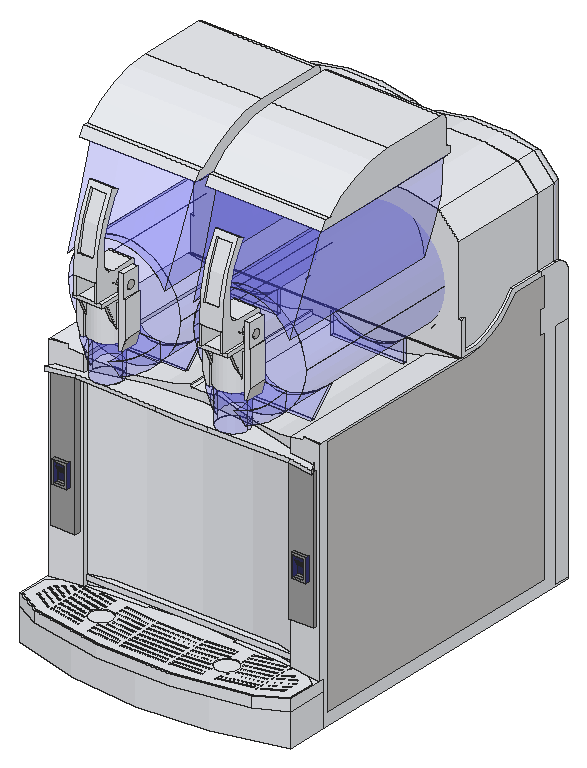
Revit family "QF_ELECTROLUXPROFESSIONAL_560050_NINA2UK", category Specialty Equipment, Revit 2018 (continued)
Automatic sketch dimensions
  Extrusion 11 sketch curve to Extrusion 11 sketch curve = 1.17 mm  (x2)
  Extrusion 11 sketch curve to Extrusion 11 sketch curve = 2.477 mm  (x2)
  Extrusion 11 sketch curve to Extrusion 11 sketch curve = 5.827 mm  (x2)
  Extrusion 11 sketch curve to Extrusion 11 sketch curve = 20.0 mm
  Extrusion 11 sketch curve to plane 12 = 92.565 mm  (x2)
  plane 8 "RIGHT" to Extrusion 12 sketch curve = 0.0 mm
  Extrusion 12 sketch curve to plane 3 "Center (Left/Right)" = 0.0 mm
  Extrusion 12 sketch curve to plane 7 "LEFT" = 0.0 mm
  plane 8 "RIGHT" to Extrusion 12 sketch curve = 3.0 mm
  plane 8 "RIGHT" to Extrusion 12 sketch curve = 23.451 mm
  plane 3 "Center (Left/Right)" to Extrusion 12 sketch curve = 65.0 mm
  plane 3 "Center (Left/Right)" to Extrusion 12 sketch curve = 13.451 mm
  Extrusion 12 sketch curve to plane 3 "Center (Left/Right)" = 13.451 mm
  Extrusion 12 sketch curve to plane 3 "Center (Left/Right)" = 65.0 mm
  plane 7 "LEFT" to Extrusion 12 sketch curve = 23.451 mm
  plane 7 "LEFT" to Extrusion 12 sketch curve = 3.0 mm
  plane 4 "FEET" to Extrusion 12 sketch curve = 205.938 mm
  Extrusion 12 sketch curve to Extrusion 12 sketch curve = 0.0 mm
  Extrusion 12 sketch curve to Extrusion 12 sketch curve = 35.215 mm
  Extrusion 12 sketch curve to Extrusion 12 sketch curve = 58.594 mm
  Extrusion 12 sketch curve to Extrusion 12 sketch curve = 58.604 mm
  Extrusion 12 sketch curve to Extrusion 12 sketch curve = 71.542 mm
  Extrusion 12 sketch curve to Extrusion 12 sketch curve = 71.552 mm
  Extrusion 12 sketch curve to plane 12 = 99.151 mm
  Extrusion 12 sketch curve to Extrusion 12 sketch curve = 5.164 mm
  Extrusion 12 sketch curve to Extrusion 12 sketch curve = 22.714 mm
  plane 8 "RIGHT" to Sweep 13 sketch curve = 0.0 mm
  Sweep 13 sketch curve to plane 3 "Center (Left/Right)" = 0.0 mm
  Sweep 13 sketch curve to plane 7 "LEFT" = 0.0 mm
  plane 8 "RIGHT" to Sweep 13 sketch curve = 3.0 mm
  plane 8 "RIGHT" to Sweep 13 sketch curve = 23.451 mm
  plane 3 "Center (Left/Right)" to Sweep 13 sketch curve = 65.0 mm
  plane 3 "Center (Left/Right)" to Sweep 13 sketch curve = 13.451 mm
  Sweep 13 sketch curve to plane 3 "Center (Left/Right)" = 13.451 mm
  Sweep 13 sketch curve to plane 3 "Center (Left/Right)" = 65.0 mm
  plane 7 "LEFT" to Sweep 13 sketch curve = 23.451 mm
  plane 7 "LEFT" to Sweep 13 sketch curve = 3.0 mm
  plane 4 "FEET" to Sweep 13 sketch curve = 205.938 mm
  Sweep 13 sketch curve to Sweep 13 sketch curve = 0.0 mm
  Sweep 13 sketch curve to Sweep 13 sketch curve = 93.809 mm
  Sweep 13 sketch curve to Sweep 13 sketch curve = 93.819 mm
  Sweep 13 sketch curve to Sweep 13 sketch curve = 71.552 mm
  Sweep 13 sketch curve to Sweep 13 sketch curve = 71.542 mm
  Sweep 13 sketch curve to plane 12 = 99.151 mm
  Sweep 13 sketch curve to Sweep 13 sketch curve = 5.164 mm  (x2)
  Sweep 13 sketch curve to profile plane = 0.0 mm
  plane 6 "BACK" to Sweep 13 sketch curve = 0.0 mm
  Sweep 13 sketch curve to Sweep 13 sketch curve = 14.0 mm
  plane 8 "RIGHT" to Extrusion 14 sketch curve = 26.817 mm
  Extrusion 14 sketch curve to Extrusion 14 sketch curve = 48.183 mm  (x2)
  plane 3 "Center (Left/Right)" to Extrusion 14 sketch curve = 16.817 mm
  Extrusion 14 sketch curve to plane 3 "Center (Left/Right)" = 16.817 mm
  plane 7 "LEFT" to Extrusion 14 sketch curve = 26.817 mm
  Extrusion 14 sketch curve to plane 12 = 241.012 mm
  Extrusion 14 sketch curve to Extrusion 14 sketch curve = 0.0 mm
  Extrusion 14 sketch curve to Extrusion 14 sketch curve = 18.033 mm  (x2)
  Extrusion 14 sketch curve to Extrusion 14 sketch curve = 90.124 mm  (x2)
  plane 8 "RIGHT" to Extrusion 15 sketch curve = 0.0 mm
  Extrusion 15 sketch curve to plane 7 "LEFT" = 0.0 mm
  plane 3 "Center (Left/Right)" to Extrusion 15 sketch curve = 56.141 mm
  Extrusion 15 sketch curve to plane 3 "Center (Left/Right)" = 56.141 mm
  plane 4 "FEET" to Extrusion 15 sketch curve = 2.0 mm  (x2)
  Extrusion 15 sketch curve to Extrusion 15 sketch curve = 28.419 mm
  Extrusion 15 sketch curve to Extrusion 15 sketch curve = 210.734 mm
  Extrusion 16 sketch curve to plane 9 = 72.46 mm
  Extrusion 16 sketch curve to plane 9 = 69.326 mm
  Extrusion 16 sketch curve to plane 9 = 8.015 mm
  plane 9 to Extrusion 16 sketch curve = 30.0 mm
  Extrusion 16 sketch curve to plane 12 = 225.0 mm
  Extrusion 16 sketch curve to Extrusion 16 sketch curve = 31.747 mm
  plane 9 to Extrusion 17 sketch curve = 30.0 mm
  Extrusion 17 sketch curve to plane 9 = 8.015 mm
  Extrusion 17 sketch curve to plane 9 = 53.679 mm
  Extrusion 17 sketch curve to plane 9 = 69.326 mm
  Extrusion 17 sketch curve to plane 12 = 223.415 mm
  Extrusion 17 sketch curve to Extrusion 17 sketch curve = 30.162 mm
  Extrusion 18 sketch curve to plane 9 = 72.418 mm
  Extrusion 18 sketch curve to plane 9 = 69.326 mm
  Extrusion 18 sketch curve to Extrusion 18 sketch curve = 6.226 mm
  Extrusion 18 sketch curve to Extrusion 18 sketch curve = 14.345 mm
  plane 9 to Extrusion 18 sketch curve = 30.0 mm
  Extrusion 18 sketch curve to plane 12 = 150.078 mm
  Extrusion 18 sketch curve to Extrusion 18 sketch curve = 72.922 mm
  Extrusion 18 sketch curve to Extrusion 18 sketch curve = 5.0 mm
  Extrusion 19 sketch curve to Extrusion 19 sketch curve = 0.0 mm  (x2)
  plane 4 "FEET" to Extrusion 19 sketch curve = 12.0 mm
  plane 9 to Extrusion 19 sketch curve = 30.0 mm
  Extrusion 19 sketch curve to plane 9 = 8.015 mm
  Extrusion 19 sketch curve to plane 9 = 66.192 mm
  Extrusion 19 sketch curve to plane 9 = 69.326 mm
  plane 10 to Extrusion 19 sketch curve = 20.0 mm
  Extrusion 19 sketch curve to plane 12 = 225.0 mm
  Extrusion 19 sketch curve to Extrusion 19 sketch curve = 31.747 mm
  Extrusion 19 sketch curve to Extrusion 19 sketch curve = 14.345 mm
  plane 8 "RIGHT" to Extrusion 20 sketch curve = 0.0 mm
  Extrusion 20 sketch curve to plane 3 "Center (Left/Right)" = 0.0 mm
  Extrusion 20 sketch curve to plane 7 "LEFT" = 0.0 mm
  Extrusion 20 sketch curve to Extrusion 20 sketch curve = 3.0 mm
  plane 8 "RIGHT" to Extrusion 20 sketch curve = 23.451 mm
  plane 3 "Center (Left/Right)" to Extrusion 20 sketch curve = 65.0 mm
  plane 3 "Center (Left/Right)" to Extrusion 20 sketch curve = 13.451 mm
  Extrusion 20 sketch curve to plane 3 "Center (Left/Right)" = 13.451 mm
  Extrusion 20 sketch curve to plane 3 "Center (Left/Right)" = 65.0 mm
  plane 7 "LEFT" to Extrusion 20 sketch curve = 23.451 mm
  plane 7 "LEFT" to Extrusion 20 sketch curve = 3.0 mm
  plane 4 "FEET" to Extrusion 20 sketch curve = 205.938 mm
  Extrusion 20 sketch curve to Extrusion 20 sketch curve = 0.0 mm
  Extrusion 20 sketch curve to Extrusion 20 sketch curve = 59.062 mm
  Extrusion 20 sketch curve to Extrusion 20 sketch curve = 34.747 mm
  Extrusion 20 sketch curve to Extrusion 20 sketch curve = 34.757 mm
  Extrusion 20 sketch curve to Extrusion 20 sketch curve = 71.542 mm
  Extrusion 20 sketch curve to Extrusion 20 sketch curve = 71.552 mm
  Extrusion 20 sketch curve to plane 12 = 108.927 mm
  Extrusion 20 sketch curve to Extrusion 20 sketch curve = 22.714 mm  (x2)
  plane 10 to Extrusion 21 sketch curve = 4.147 mm
  Extrusion 21 sketch curve to Extrusion 21 sketch curve = 3.308 mm
  Extrusion 21 sketch curve to Extrusion 21 sketch curve = 0.157 mm
  Extrusion 21 sketch curve to Extrusion 21 sketch curve = 2.546 mm
  plane 4 "FEET" to Extrusion 21 sketch curve = 140.394 mm
  Extrusion 21 sketch curve to Extrusion 21 sketch curve = 7.648 mm
  Extrusion 21 sketch curve to Extrusion 21 sketch curve = 2.987 mm
  Extrusion 21 sketch curve to Extrusion 21 sketch curve = 3.069 mm
  plane 8 "RIGHT" to Extrusion 23 sketch curve = 33.046 mm
  plane 7 "LEFT" to Extrusion 23 sketch curve = 33.046 mm
  plane 4 "FEET" to Extrusion 23 sketch curve = 50.037 mm
  Extrusion 23 sketch curve to Extrusion 23 sketch curve = 5.468 mm
  Extrusion 25 sketch curve to Extrusion 25 sketch curve = 0.0 mm  (x8237)
  Extrusion 25 sketch curve to plane 3 "Center (Left/Right)" = 0.0 mm  (x2)
  Extrusion 25 sketch curve to plane 3 "Center (Left/Right)" = 23.123 mm  (x2)
  Extrusion 25 sketch curve to plane 10 = 2.831 mm
  Extrusion 25 sketch curve to Extrusion 25 sketch curve = 3.819 mm  (x18)
  Extrusion 25 sketch curve to plane 10 = 0.587 mm  (x2)
  Extrusion 25 sketch curve to Extrusion 25 sketch curve = 18.011 mm  (x2)
  Extrusion 25 sketch curve to Extrusion 25 sketch curve = 24.069 mm  (x2)
  Extrusion 25 sketch curve to Extrusion 25 sketch curve = 1.988 mm  (x2)
  Extrusion 25 sketch curve to Extrusion 25 sketch curve = 5.672 mm  (x2)
  Extrusion 25 sketch curve to plane 10 = 5.236 mm
  Extrusion 25 sketch curve to Extrusion 25 sketch curve = 7.661 mm
  plane 10 to Extrusion 25 sketch curve = 0.828 mm
  Extrusion 25 sketch curve to Extrusion 25 sketch curve = 6.328 mm  (x2)
  Extrusion 25 sketch curve to Extrusion 25 sketch curve = 12.655 mm  (x4)
  Extrusion 25 sketch curve to plane 10 = 1.151 mm  (x2)
  Extrusion 25 sketch curve to Extrusion 25 sketch curve = 2.84 mm  (x2)
  Extrusion 25 sketch curve to Extrusion 25 sketch curve = 3.896 mm  (x2)
  Extrusion 25 sketch curve to Extrusion 25 sketch curve = 3.69 mm  (x2)
  Extrusion 25 sketch curve to Extrusion 25 sketch curve = 2.634 mm  (x2)
  Extrusion 25 sketch curve to Extrusion 25 sketch curve = 17.479 mm  (x2)
  Extrusion 25 sketch curve to Extrusion 25 sketch curve = 15.901 mm  (x2)
  Extrusion 25 sketch curve to Extrusion 25 sketch curve = 26.85 mm
  Extrusion 25 sketch curve to plane 10 = 1.967 mm
  Extrusion 25 sketch curve to plane 10 = 1.645 mm  (x2)
  Extrusion 25 sketch curve to Extrusion 25 sketch curve = 2.653 mm  (x14)
  plane 10 to Extrusion 25 sketch curve = 2.928 mm  (x2)
  Extrusion 25 sketch curve to plane 10 = 8.505 mm
  plane 10 to Extrusion 25 sketch curve = 12.867 mm  (x2)
  Extrusion 25 sketch curve to Extrusion 25 sketch curve = 1.429 mm  (x2)
  plane 10 to Extrusion 25 sketch curve = 11.52 mm  (x2)
  Extrusion 25 sketch curve to Extrusion 25 sketch curve = 1.695 mm  (x8)
  plane 5 "FRONT" to Extrusion 25 sketch curve = 16.02 mm  (x2)
  Extrusion 25 sketch curve to Extrusion 25 sketch curve = 4.196 mm
  plane 10 to Extrusion 25 sketch curve = 8.825 mm  (x2)
  Extrusion 25 sketch curve to Extrusion 25 sketch curve = 3.389 mm  (x6)
  plane 10 to Extrusion 25 sketch curve = 7.478 mm  (x2)
  plane 10 to Extrusion 25 sketch curve = 4.783 mm  (x2)
  plane 10 to Extrusion 25 sketch curve = 3.436 mm  (x2)
  Extrusion 25 sketch curve to Extrusion 25 sketch curve = 7.773 mm  (x2)
  plane 10 to Extrusion 25 sketch curve = 0.741 mm  (x2)
  Extrusion 25 sketch curve to plane 10 = 0.606 mm  (x2)
  Extrusion 25 sketch curve to Extrusion 25 sketch curve = 2.264 mm  (x2)
  plane 7 "LEFT" to Extrusion 25 sketch curve = 2.0 mm
  Extrusion 25 sketch curve to plane 10 = 8.841 mm
  plane 3 "Center (Left/Right)" to Extrusion 25 sketch curve = 23.123 mm
  plane 10 to Extrusion 25 sketch curve = 5.183 mm
  Extrusion 25 sketch curve to plane 10 = 0.827 mm
  plane 10 to Extrusion 25 sketch curve = 8.918 mm
  Extrusion 25 sketch curve to Extrusion 25 sketch curve = 13.718 mm
  plane 10 to Extrusion 25 sketch curve = 2.85 mm
  plane 10 to Extrusion 25 sketch curve = 2.914 mm  (x2)
  Extrusion 25 sketch curve to plane 10 = 3.183 mm
  plane 10 to Extrusion 25 sketch curve = 0.101 mm
  Extrusion 25 sketch curve to plane 10 = 10.792 mm
  plane 8 "RIGHT" to Extrusion 25 sketch curve = 12.0 mm
  plane 8 "RIGHT" to Extrusion 25 sketch curve = 2.0 mm
  plane 5 "FRONT" to Extrusion 25 sketch curve = 15.922 mm  (x2)
  Extrusion 25 sketch curve to Extrusion 25 sketch curve = 2.004 mm  (x14)
  Extrusion 25 sketch curve to Extrusion 25 sketch curve = 0.218 mm
  Extrusion 25 sketch curve to Extrusion 25 sketch curve = 2.003 mm  (x8)
  Extrusion 25 sketch curve to plane 5 "FRONT" = 230.366 mm
  Extrusion 25 sketch curve to Extrusion 25 sketch curve = 3.004 mm
  Extrusion 25 sketch curve to Extrusion 25 sketch curve = 0.131 mm  (x2)
  Extrusion 25 sketch curve to Extrusion 25 sketch curve = 3.006 mm  (x2)
  Extrusion 25 sketch curve to Extrusion 25 sketch curve = 2.027 mm  (x4)
  Extrusion 25 sketch curve to Extrusion 25 sketch curve = 3.041 mm  (x2)
  Extrusion 25 sketch curve to Extrusion 25 sketch curve = 4.006 mm  (x4)
  Extrusion 25 sketch curve to Extrusion 25 sketch curve = 0.223 mm  (x2)
  Extrusion 25 sketch curve to Extrusion 25 sketch curve = 0.512 mm  (x2)
  Extrusion 25 sketch curve to Extrusion 25 sketch curve = 2.287 mm  (x17)
  Extrusion 25 sketch curve to Extrusion 25 sketch curve = 4.543 mm  (x2)
  Extrusion 25 sketch curve to Extrusion 25 sketch curve = 0.226 mm  (x2)
  Extrusion 25 sketch curve to plane 10 = 25.822 mm  (x2)
  Extrusion 25 sketch curve to Extrusion 25 sketch curve = 2.031 mm  (x2)
  Extrusion 25 sketch curve to Extrusion 25 sketch curve = 0.162 mm  (x2)
  Extrusion 25 sketch curve to Extrusion 25 sketch curve = 0.229 mm  (x2)
  Extrusion 25 sketch curve to Extrusion 25 sketch curve = 4.735 mm  (x2)
  Extrusion 25 sketch curve to Extrusion 25 sketch curve = 5.89 mm  (x2)
  Extrusion 25 sketch curve to Extrusion 25 sketch curve = 2.035 mm  (x2)
  Extrusion 25 sketch curve to Extrusion 25 sketch curve = 0.837 mm  (x2)
  Extrusion 25 sketch curve to Extrusion 25 sketch curve = 10.71 mm
  Extrusion 25 sketch curve to Extrusion 25 sketch curve = 9.076 mm
  Extrusion 25 sketch curve to Extrusion 25 sketch curve = 0.233 mm  (x2)
  Extrusion 25 sketch curve to Extrusion 25 sketch curve = 4.071 mm  (x2)
  Extrusion 25 sketch curve to Extrusion 25 sketch curve = 4.573 mm  (x4)
  Extrusion 25 sketch curve to Extrusion 25 sketch curve = 2.036 mm  (x2)
  Extrusion 25 sketch curve to Extrusion 25 sketch curve = 0.236 mm
  Extrusion 25 sketch curve to Extrusion 25 sketch curve = 2.034 mm  (x4)
  Extrusion 25 sketch curve to Extrusion 25 sketch curve = 1.965 mm
  Extrusion 25 sketch curve to Extrusion 25 sketch curve = 2.032 mm
  Extrusion 25 sketch curve to Extrusion 25 sketch curve = 2.005 mm  (x3)
  plane 10 to Extrusion 25 sketch curve = 2.419 mm  (x2)
  plane 10 to Extrusion 25 sketch curve = 3.423 mm
  Extrusion 25 sketch curve to Extrusion 25 sketch curve = 2.033 mm  (x2)
  Extrusion 25 sketch curve to Extrusion 25 sketch curve = 4.067 mm  (x2)
  Extrusion 25 sketch curve to Extrusion 25 sketch curve = 0.665 mm  (x2)
  Extrusion 25 sketch curve to Extrusion 25 sketch curve = 0.792 mm  (x2)
  Extrusion 25 sketch curve to Extrusion 25 sketch curve = 6.595 mm  (x2)
  Extrusion 25 sketch curve to Extrusion 25 sketch curve = 8.988 mm
  Extrusion 25 sketch curve to Extrusion 25 sketch curve = 9.498 mm
  Extrusion 25 sketch curve to Extrusion 25 sketch curve = 2.536 mm
  Extrusion 26 sketch curve to plane 6 "BACK" = 0.0 mm
  plane 7 "LEFT" to Extrusion 26 sketch curve = 30.0 mm
  Extrusion 26 sketch curve to plane 3 "Center (Left/Right)" = 25.251 mm
  plane 3 "Center (Left/Right)" to Extrusion 26 sketch curve = 25.251 mm
  plane 8 "RIGHT" to Extrusion 26 sketch curve = 30.0 mm
  Extrusion 26 sketch curve to plane 6 "BACK" = 24.749 mm  (x2)
  Extrusion 26 sketch curve to Extrusion 26 sketch curve = 10.251 mm
  Extrusion 27 sketch curve to plane 3 "Center (Left/Right)" = 0.0 mm
  plane 4 "FEET" to Extrusion 27 sketch curve = 15.877 mm
  Extrusion 28 sketch curve to plane 7 "LEFT" = 4.096 mm
  Extrusion 28 sketch curve to Extrusion 28 sketch curve = 25.0 mm
  Extrusion 28 sketch curve to plane 4 "FEET" = 94.631 mm
  Extrusion 28 sketch curve to Extrusion 28 sketch curve = 145.0 mm
  Split face 1 sketch curve to Extrusion 28 = 6.447 mm
  Split face 1 sketch curve to Split face 1 sketch curve = 3.978 mm  (x5)
  Split face 1 sketch curve to Split face 1 sketch curve = 0.0 mm  (x2)
  Split face 1 sketch curve to Split face 1 sketch curve = 2.532 mm  (x3)
  Split face 1 sketch curve to Extrusion 28 = 22.468 mm
  Split face 2 sketch curve to Extrusion 28 = 6.447 mm
  Split face 2 sketch curve to Extrusion 28 = 8.065 mm
  Split face 2 sketch curve to Extrusion 28 = 30.309 mm
  Split face 2 sketch curve to Split face 2 sketch curve = 2.532 mm
  Split face 3 sketch curve to Extrusion 28 = 8.617 mm
  Split face 3 sketch curve to Split face 3 sketch curve = 5.967 mm
  Split face 3 sketch curve to Extrusion 28 = 29.43 mm
  Split face 3 sketch curve to Split face 3 sketch curve = 2.441 mm
  Split face 4 sketch curve to Extrusion 28 = 8.617 mm
  Split face 4 sketch curve to Split face 4 sketch curve = 5.967 mm
  Split face 4 sketch curve to Extrusion 28 = 32.956 mm
  Split face 4 sketch curve to Split face 4 sketch curve = 2.441 mm
  Split face 5 sketch curve to Extrusion 28 = 8.617 mm
  Split face 5 sketch curve to Split face 5 sketch curve = 5.967 mm
  Split face 5 sketch curve to Extrusion 28 = 36.392 mm
  Split face 5 sketch curve to Split face 5 sketch curve = 2.441 mm
  Split face 6 sketch curve to Extrusion 28 = 8.617 mm
  Split face 6 sketch curve to Split face 6 sketch curve = 5.967 mm
  Split face 6 sketch curve to Extrusion 28 = 39.918 mm
  Split face 6 sketch curve to Split face 6 sketch curve = 2.441 mm
  Split face 7 sketch curve to Extrusion 28 = 8.617 mm
  Split face 7 sketch curve to Split face 7 sketch curve = 5.967 mm
  Split face 7 sketch curve to Extrusion 28 = 43.43 mm
  Split face 7 sketch curve to Split face 7 sketch curve = 2.441 mm
  Split face 8 sketch curve to Extrusion 28 = 8.617 mm
  Split face 8 sketch curve to Split face 8 sketch curve = 5.967 mm
  Split face 8 sketch curve to Extrusion 28 = 46.956 mm
  Split face 8 sketch curve to Split face 8 sketch curve = 2.441 mm
  Split face 9 sketch curve to Extrusion 28 = 8.617 mm
  Split face 9 sketch curve to Split face 9 sketch curve = 5.967 mm
  Split face 9 sketch curve to Extrusion 28 = 50.392 mm
  Split face 9 sketch curve to Split face 9 sketch curve = 2.441 mm
  Split face 10 sketch curve to Extrusion 28 = 8.617 mm
  Split face 10 sketch curve to Split face 10 sketch curve = 5.967 mm
  Split face 10 sketch curve to Extrusion 28 = 53.918 mm
  Split face 10 sketch curve to Split face 10 sketch curve = 2.441 mm
  Extrusion 29 sketch curve to plane 7 "LEFT" = 8.743 mm
  Extrusion 29 sketch curve to Extrusion 29 sketch curve = 2.0 mm  (x4)
  Extrusion 29 sketch curve to Extrusion 29 sketch curve = 11.0 mm
  Extrusion 29 sketch curve to plane 4 "FEET" = 136.212 mm
  Extrusion 29 sketch curve to Extrusion 29 sketch curve = 19.822 mm
  plane 10 to Extrusion 30 sketch curve = 4.147 mm
  Extrusion 30 sketch curve to Extrusion 30 sketch curve = 3.308 mm
  Extrusion 30 sketch curve to Extrusion 30 sketch curve = 0.157 mm
  Extrusion 30 sketch curve to Extrusion 30 sketch curve = 2.546 mm
  plane 4 "FEET" to Extrusion 30 sketch curve = 154.994 mm
  Extrusion 30 sketch curve to Extrusion 30 sketch curve = 0.896 mm
  Extrusion 30 sketch curve to Extrusion 30 sketch curve = 2.987 mm
  Extrusion 30 sketch curve to Extrusion 30 sketch curve = 7.648 mm
  plane 8 "RIGHT" to Extrusion 31 sketch curve = 4.096 mm
  Extrusion 31 sketch curve to Extrusion 31 sketch curve = 25.0 mm
  plane 4 "FEET" to Extrusion 31 sketch curve = 94.631 mm
  Extrusion 31 sketch curve to Extrusion 31 sketch curve = 145.0 mm
  Split face 11 sketch curve to Extrusion 31 = 6.447 mm
  Split face 11 sketch curve to Split face 11 sketch curve = 3.978 mm  (x5)
  Split face 11 sketch curve to Split face 11 sketch curve = 0.0 mm  (x2)
  Split face 11 sketch curve to Split face 11 sketch curve = 2.532 mm  (x3)
  Split face 11 sketch curve to Extrusion 31 = 22.468 mm
  Split face 12 sketch curve to Extrusion 31 = 6.447 mm
  Split face 12 sketch curve to Extrusion 31 = 8.065 mm
  Split face 12 sketch curve to Extrusion 31 = 30.309 mm
  Split face 12 sketch curve to Split face 12 sketch curve = 2.532 mm
  Split face 13 sketch curve to Extrusion 31 = 8.617 mm
  Split face 13 sketch curve to Split face 13 sketch curve = 5.967 mm
  Split face 13 sketch curve to Extrusion 31 = 29.43 mm
  Split face 13 sketch curve to Split face 13 sketch curve = 2.441 mm
  Split face 14 sketch curve to Extrusion 31 = 8.617 mm
  Split face 14 sketch curve to Split face 14 sketch curve = 5.967 mm
  Split face 14 sketch curve to Extrusion 31 = 32.956 mm
  Split face 14 sketch curve to Split face 14 sketch curve = 2.441 mm
  Split face 15 sketch curve to Extrusion 31 = 8.617 mm
  Split face 15 sketch curve to Split face 15 sketch curve = 5.967 mm
  Split face 15 sketch curve to Extrusion 31 = 36.392 mm
  Split face 15 sketch curve to Split face 15 sketch curve = 2.441 mm
  Split face 16 sketch curve to Extrusion 31 = 8.617 mm
  Split face 16 sketch curve to Split face 16 sketch curve = 5.967 mm
  Split face 16 sketch curve to Extrusion 31 = 39.918 mm
  Split face 16 sketch curve to Split face 16 sketch curve = 2.441 mm
  Split face 17 sketch curve to Extrusion 31 = 8.617 mm
  Split face 17 sketch curve to Split face 17 sketch curve = 5.967 mm
  Split face 17 sketch curve to Extrusion 31 = 43.43 mm
  Split face 17 sketch curve to Split face 17 sketch curve = 2.441 mm
  Split face 18 sketch curve to Extrusion 31 = 8.617 mm
  Split face 18 sketch curve to Split face 18 sketch curve = 5.967 mm
  Split face 18 sketch curve to Extrusion 31 = 46.956 mm
  Split face 18 sketch curve to Split face 18 sketch curve = 2.441 mm
  Split face 19 sketch curve to Extrusion 31 = 8.617 mm
  Split face 19 sketch curve to Split face 19 sketch curve = 5.967 mm
  Split face 19 sketch curve to Extrusion 31 = 50.392 mm
  Split face 19 sketch curve to Split face 19 sketch curve = 2.441 mm
  Split face 20 sketch curve to Extrusion 31 = 8.617 mm
  Split face 20 sketch curve to Split face 20 sketch curve = 5.967 mm
  Split face 20 sketch curve to Extrusion 31 = 53.918 mm
  Split face 20 sketch curve to Split face 20 sketch curve = 2.441 mm
  plane 8 "RIGHT" to Extrusion 32 sketch curve = 8.743 mm
  Extrusion 32 sketch curve to Extrusion 32 sketch curve = 2.0 mm  (x4)
  Extrusion 32 sketch curve to Extrusion 32 sketch curve = 11.0 mm
  plane 4 "FEET" to Extrusion 32 sketch curve = 136.212 mm
  Extrusion 32 sketch curve to Extrusion 32 sketch curve = 19.822 mm
  Extrusion 33 sketch curve to Extrusion 33 sketch curve = 0.0 mm  (x2)
  plane 4 "FEET" to Extrusion 33 sketch curve = 12.0 mm
  plane 9 to Extrusion 33 sketch curve = 30.0 mm
  Extrusion 33 sketch curve to plane 9 = 4.783 mm
  Extrusion 33 sketch curve to plane 9 = 66.192 mm
  Extrusion 33 sketch curve to plane 9 = 69.326 mm
  plane 10 to Extrusion 33 sketch curve = 20.0 mm
  Extrusion 33 sketch curve to plane 12 = 225.0 mm
  Extrusion 33 sketch curve to Extrusion 33 sketch curve = 36.747 mm
  Extrusion 33 sketch curve to Extrusion 33 sketch curve = 14.345 mm
  Extrusion 34 sketch curve to plane 9 = 8.356 mm
  Extrusion 34 sketch curve to plane 9 = 69.326 mm
  Extrusion 34 sketch curve to Extrusion 34 sketch curve = 3.092 mm
  Extrusion 34 sketch curve to plane 12 = 219.997 mm
  Extrusion 34 sketch curve to Extrusion 34 sketch curve = 35.554 mm
  plane 4 "FEET" to Extrusion 35 sketch curve = 12.0 mm
  plane 9 to Extrusion 35 sketch curve = 30.0 mm
  Extrusion 35 sketch curve to plane 9 = 51.847 mm
  Extrusion 35 sketch curve to Extrusion 35 sketch curve = 14.345 mm
  Extrusion 35 sketch curve to plane 9 = 69.326 mm
  plane 10 to Extrusion 35 sketch curve = 20.0 mm
  Extrusion 35 sketch curve to plane 12 = 225.0 mm
  Extrusion 35 sketch curve to Extrusion 35 sketch curve = 2.0 mm
  Extrusion 36 sketch curve to plane 9 = 8.356 mm
  Extrusion 36 sketch curve to plane 9 = 69.326 mm
  Extrusion 36 sketch curve to Extrusion 36 sketch curve = 3.092 mm
  Extrusion 36 sketch curve to plane 12 = 150.078 mm
  Extrusion 36 sketch curve to Extrusion 36 sketch curve = 34.365 mm
  Extrusion 37 sketch curve to plane 9 = 69.326 mm
  Extrusion 37 sketch curve to plane 9 = 51.847 mm
  Extrusion 37 sketch curve to plane 9 = 8.015 mm
  plane 9 to Extrusion 37 sketch curve = 30.0 mm
  Extrusion 37 sketch curve to plane 12 = 223.0 mm
  Extrusion 37 sketch curve to Extrusion 37 sketch curve = 29.747 mm
  plane 10 to Extrusion 38 sketch curve = 20.0 mm
  Extrusion 38 sketch curve to plane 9 = 69.326 mm
  Extrusion 38 sketch curve to plane 9 = 66.192 mm
  Extrusion 38 sketch curve to plane 9 = 8.015 mm
  plane 9 to Extrusion 38 sketch curve = 30.0 mm
  plane 4 "FEET" to Extrusion 38 sketch curve = 12.0 mm
  Extrusion 38 sketch curve to plane 12 = 225.0 mm
  Extrusion 38 sketch curve to Extrusion 38 sketch curve = 31.747 mm
  Extrusion 39 sketch curve to plane 3 "Center (Left/Right)" = 0.0 mm  (x2)
  plane 10 to Extrusion 39 sketch curve = 5.427 mm  (x2)
  Extrusion 39 sketch curve to plane 3 "Center (Left/Right)" = 26.943 mm
  plane 7 "LEFT" to Extrusion 39 sketch curve = 33.046 mm
  plane 10 to Extrusion 39 sketch curve = 7.5 mm  (x2)
  Extrusion 39 sketch curve to Extrusion 39 sketch curve = 3.95 mm  (x2)
  plane 7 "LEFT" to Extrusion 39 sketch curve = 10.082 mm
  plane 7 "LEFT" to Extrusion 39 sketch curve = 2.0 mm
  plane 8 "RIGHT" to Extrusion 39 sketch curve = 33.046 mm
  plane 8 "RIGHT" to Extrusion 39 sketch curve = 10.082 mm
  plane 8 "RIGHT" to Extrusion 39 sketch curve = 2.0 mm
  plane 10 to Extrusion 39 sketch curve = 2.419 mm  (x2)
  Extrusion 39 sketch curve to plane 5 "FRONT" = 230.366 mm
  Extrusion 39 sketch curve to Extrusion 39 sketch curve = 13.998 mm  (x2)
  Extrusion 39 sketch curve to Extrusion 39 sketch curve = 12.144 mm  (x2)
  Extrusion 39 sketch curve to Extrusion 39 sketch curve = 3.029 mm
  Extrusion 39 sketch curve to plane 9 = 15.14 mm
  Extrusion 40 sketch curve to plane 7 "LEFT" = 0.0 mm
  Extrusion 40 sketch curve to plane 3 "Center (Left/Right)" = 0.0 mm  (x2)
  Extrusion 40 sketch curve to plane 8 "RIGHT" = 0.0 mm
  plane 5 "FRONT" to Extrusion 40 sketch curve = 14.146 mm  (x2)
  plane 7 "LEFT" to Extrusion 40 sketch curve = 27.699 mm
  plane 7 "LEFT" to Extrusion 40 sketch curve = 33.046 mm
  plane 8 "RIGHT" to Extrusion 40 sketch curve = 33.046 mm
  Extrusion 40 sketch curve to plane 5 "FRONT" = 230.366 mm
  Extrusion 40 sketch curve to plane 10 = 27.0 mm  (x2)
  plane 10 to Extrusion 40 sketch curve = 15.0 mm  (x2)
  plane 10 to Extrusion 40 sketch curve = 19.644 mm  (x2)
  Extrusion 40 sketch curve to Extrusion 40 sketch curve = 3.029 mm
  plane 6 "BACK" to Extrusion 40 sketch curve = 65.331 mm
  Extrusion 24 sketch curve to plane 3 "Center (Left/Right)" = 0.0 mm  (x2)
  plane 7 "LEFT" to Extrusion 24 sketch curve = 35.046 mm
  plane 7 "LEFT" to Extrusion 24 sketch curve = 30.675 mm
  plane 8 "RIGHT" to Extrusion 24 sketch curve = 35.046 mm
  plane 8 "RIGHT" to Extrusion 24 sketch curve = 30.675 mm
  Extrusion 24 sketch curve to plane 5 "FRONT" = 230.366 mm
  plane 5 "FRONT" to Extrusion 24 sketch curve = 21.644 mm
  plane 10 to Extrusion 24 sketch curve = 13.261 mm  (x2)
  plane 10 to Extrusion 24 sketch curve = 17.906 mm  (x2)
  Extrusion 24 sketch curve to Extrusion 24 sketch curve = 3.046 mm
  plane 6 "BACK" to Extrusion 24 sketch curve = 65.331 mm
  plane 8 "RIGHT" to Extrusion 24 sketch curve = 2.0 mm
  Extrusion 24 sketch curve to plane 10 = 18.962 mm  (x2)
  plane 7 "LEFT" to Extrusion 24 sketch curve = 2.0 mm
  Extrusion 22 sketch curve to plane 7 "LEFT" = 0.0 mm
  Extrusion 22 sketch curve to plane 3 "Center (Left/Right)" = 0.0 mm  (x2)
  Extrusion 22 sketch curve to plane 8 "RIGHT" = 0.0 mm
  plane 7 "LEFT" to Extrusion 22 sketch curve = 33.046 mm
  plane 8 "RIGHT" to Extrusion 22 sketch curve = 33.046 mm
  Extrusion 22 sketch curve to plane 5 "FRONT" = 230.366 mm
  plane 10 to Extrusion 22 sketch curve = 15.0 mm  (x2)
  plane 10 to Extrusion 22 sketch curve = 19.644 mm  (x2)
  Extrusion 22 sketch curve to Extrusion 22 sketch curve = 3.029 mm
  plane 6 "BACK" to Extrusion 22 sketch curve = 24.565 mm
  Extrusion 22 sketch curve to plane 10 = 27.0 mm
  curve 16 to curve 17 = 0.0 mm  (x2)
  curve 16 to curve 24 = 0.0 mm  (x2)
  curve 16 to curve 25 = 0.0 mm  (x2)
  curve 16 to curve 26 = 0.0 mm  (x2)
  curve 16 to curve 27 = 0.0 mm  (x2)
  curve 16 to curve 28 = 0.0 mm  (x2)
  curve 16 to curve 29 = 0.0 mm  (x2)
  curve 16 to curve 30 = 0.0 mm  (x2)
  curve 16 to curve 31 = 0.0 mm  (x2)
  curve 16 to curve 32 = 0.0 mm  (x2)
  curve 16 to curve 33 = 0.0 mm  (x2)
  curve 16 to curve 34 = 0.0 mm  (x2)
  curve 16 to curve 35 = 0.0 mm  (x2)
  curve 16 to curve 36 = 0.0 mm  (x2)
  curve 16 to curve 37 = 0.0 mm  (x2)
  curve 16 to curve 38 = 0.0 mm  (x2)
  curve 16 to curve 39 = 0.0 mm  (x2)
  curve 16 to curve 40 = 0.0 mm  (x2)
  curve 16 to curve 41 = 0.0 mm  (x2)
  curve 16 to curve 58 = 0.0 mm  (x2)
  curve 16 to curve 59 = 0.0 mm  (x2)
  curve 16 to curve 60 = 0.0 mm  (x2)
  curve 16 to curve 61 = 0.0 mm  (x2)
  curve 16 to curve 62 = 0.0 mm  (x2)
  curve 16 to curve 63 = 0.0 mm  (x2)
  curve 16 to curve 64 = 0.0 mm  (x2)
  curve 16 to curve 65 = 0.0 mm  (x2)
  curve 16 to curve 66 = 0.0 mm  (x2)
  curve 16 to curve 67 = 0.0 mm  (x2)
  curve 16 to curve 68 = 0.0 mm  (x2)
  curve 16 to curve 69 = 0.0 mm  (x2)
  curve 16 to curve 70 = 0.0 mm  (x2)
  curve 16 to curve 71 = 0.0 mm  (x2)
  curve 16 to curve 72 = 0.0 mm  (x2)
  curve 16 to curve 91 = 0.0 mm  (x2)
  curve 16 to curve 92 = 0.0 mm  (x2)
  curve 16 to curve 93 = 0.0 mm  (x2)
  curve 16 to curve 94 = 0.0 mm  (x2)
  curve 16 to curve 95 = 0.0 mm  (x2)
  curve 16 to curve 96 = 0.0 mm  (x2)
  curve 16 to curve 97 = 0.0 mm  (x2)
  curve 16 to curve 98 = 0.0 mm  (x2)
  curve 16 to curve 99 = 0.0 mm  (x2)
  curve 16 to curve 100 = 0.0 mm  (x2)
  curve 16 to curve 101 = 0.0 mm  (x2)
  curve 16 to curve 116 = 0.0 mm  (x2)
  curve 16 to curve 117 = 0.0 mm  (x2)
  curve 16 to curve 134 = 0.0 mm  (x2)
  curve 16 to curve 135 = 0.0 mm  (x2)
  curve 16 to curve 136 = 0.0 mm  (x2)
  curve 16 to curve 137 = 0.0 mm  (x2)
  curve 16 to curve 138 = 0.0 mm  (x2)
  curve 16 to curve 139 = 0.0 mm  (x2)
  curve 16 to curve 140 = 0.0 mm  (x2)
  curve 16 to curve 141 = 0.0 mm  (x2)
  curve 16 to curve 142 = 0.0 mm  (x2)
  curve 16 to curve 143 = 0.0 mm  (x2)
  curve 16 to curve 144 = 0.0 mm  (x2)
  curve 16 to curve 145 = 0.0 mm  (x2)
  curve 16 to curve 146 = 0.0 mm  (x2)
  curve 16 to curve 147 = 0.0 mm  (x2)
  curve 16 to curve 148 = 0.0 mm  (x2)
  curve 16 to curve 167 = 0.0 mm  (x2)
  curve 16 to curve 168 = 0.0 mm  (x2)
  curve 16 to curve 169 = 0.0 mm  (x2)
  curve 16 to curve 170 = 0.0 mm  (x2)
  curve 16 to curve 171 = 0.0 mm  (x2)
  curve 16 to curve 172 = 0.0 mm  (x2)
  curve 16 to curve 173 = 0.0 mm  (x2)
  curve 16 to curve 174 = 0.0 mm  (x2)
  curve 16 to curve 175 = 0.0 mm  (x2)
  curve 16 to curve 176 = 0.0 mm  (x2)
  curve 16 to curve 177 = 0.0 mm  (x2)
  curve 17 to curve 24 = 0.0 mm  (x2)
  curve 17 to curve 25 = 0.0 mm  (x2)
  curve 17 to curve 26 = 0.0 mm  (x2)
  curve 17 to curve 27 = 0.0 mm  (x2)
  curve 17 to curve 28 = 0.0 mm  (x2)
  curve 17 to curve 29 = 0.0 mm  (x2)
  curve 17 to curve 30 = 0.0 mm  (x2)
  curve 17 to curve 31 = 0.0 mm  (x2)
  curve 17 to curve 32 = 0.0 mm  (x2)
  curve 17 to curve 33 = 0.0 mm  (x2)
  curve 17 to curve 34 = 0.0 mm  (x2)
  curve 17 to curve 35 = 0.0 mm  (x2)
  curve 17 to curve 36 = 0.0 mm  (x2)
  curve 17 to curve 37 = 0.0 mm  (x2)
  curve 17 to curve 38 = 0.0 mm  (x2)
  curve 17 to curve 39 = 0.0 mm  (x2)
  curve 17 to curve 40 = 0.0 mm  (x2)
  curve 17 to curve 41 = 0.0 mm  (x2)
  curve 17 to curve 58 = 0.0 mm  (x2)
  curve 17 to curve 59 = 0.0 mm  (x2)
  curve 17 to curve 60 = 0.0 mm  (x2)
  curve 17 to curve 61 = 0.0 mm  (x2)
  curve 17 to curve 62 = 0.0 mm  (x2)
  curve 17 to curve 63 = 0.0 mm  (x2)
  curve 17 to curve 64 = 0.0 mm  (x2)
  curve 17 to curve 65 = 0.0 mm  (x2)
  curve 17 to curve 66 = 0.0 mm  (x2)
  curve 17 to curve 67 = 0.0 mm  (x2)
  curve 17 to curve 68 = 0.0 mm  (x2)
  curve 17 to curve 69 = 0.0 mm  (x2)
  curve 17 to curve 70 = 0.0 mm  (x2)
  curve 17 to curve 71 = 0.0 mm  (x2)
  curve 17 to curve 72 = 0.0 mm  (x2)
  curve 17 to curve 91 = 0.0 mm  (x2)
  curve 17 to curve 92 = 0.0 mm  (x2)
  curve 17 to curve 93 = 0.0 mm  (x2)
  curve 17 to curve 94 = 0.0 mm  (x2)
  curve 17 to curve 95 = 0.0 mm  (x2)
  curve 17 to curve 96 = 0.0 mm  (x2)
  curve 17 to curve 97 = 0.0 mm  (x2)
  curve 17 to curve 98 = 0.0 mm  (x2)
  curve 17 to curve 99 = 0.0 mm  (x2)
  curve 17 to curve 100 = 0.0 mm  (x2)
  curve 17 to curve 101 = 0.0 mm  (x2)
  curve 17 to curve 116 = 0.0 mm  (x2)
  curve 17 to curve 117 = 0.0 mm  (x2)
  curve 17 to curve 134 = 0.0 mm  (x2)
  curve 17 to curve 135 = 0.0 mm  (x2)
  curve 17 to curve 136 = 0.0 mm  (x2)
  curve 17 to curve 137 = 0.0 mm  (x2)
  curve 17 to curve 138 = 0.0 mm  (x2)
  curve 17 to curve 139 = 0.0 mm  (x2)
  curve 17 to curve 140 = 0.0 mm  (x2)
  curve 17 to curve 141 = 0.0 mm  (x2)
  curve 17 to curve 142 = 0.0 mm  (x2)
  curve 17 to curve 143 = 0.0 mm  (x2)
  curve 17 to curve 144 = 0.0 mm  (x2)
  curve 17 to curve 145 = 0.0 mm  (x2)
  curve 17 to curve 146 = 0.0 mm  (x2)
  curve 17 to curve 147 = 0.0 mm  (x2)
  curve 17 to curve 148 = 0.0 mm  (x2)
  curve 17 to curve 167 = 0.0 mm  (x2)
  curve 17 to curve 168 = 0.0 mm  (x2)
  curve 17 to curve 169 = 0.0 mm  (x2)
  curve 17 to curve 170 = 0.0 mm  (x2)
  curve 17 to curve 171 = 0.0 mm  (x2)
  curve 17 to curve 172 = 0.0 mm  (x2)
  curve 17 to curve 173 = 0.0 mm  (x2)
  curve 17 to curve 174 = 0.0 mm  (x2)
  curve 17 to curve 175 = 0.0 mm  (x2)
  curve 17 to curve 176 = 0.0 mm  (x2)
  curve 17 to curve 177 = 0.0 mm  (x2)
  curve 24 to curve 25 = 0.0 mm  (x2)
  curve 24 to curve 26 = 0.0 mm  (x2)
  curve 24 to curve 27 = 0.0 mm  (x2)
  curve 24 to curve 28 = 0.0 mm  (x2)
  curve 24 to curve 29 = 0.0 mm  (x2)
  curve 24 to curve 30 = 0.0 mm  (x2)
  curve 24 to curve 31 = 0.0 mm  (x2)
  curve 24 to curve 32 = 0.0 mm  (x2)
  curve 24 to curve 33 = 0.0 mm  (x2)
  curve 24 to curve 34 = 0.0 mm  (x2)
  curve 24 to curve 35 = 0.0 mm  (x2)
  curve 24 to curve 36 = 0.0 mm  (x2)
  curve 24 to curve 37 = 0.0 mm  (x2)
  curve 24 to curve 38 = 0.0 mm  (x2)
  curve 24 to curve 39 = 0.0 mm  (x2)
  curve 24 to curve 40 = 0.0 mm  (x2)
  curve 24 to curve 41 = 0.0 mm  (x2)
  curve 24 to curve 58 = 0.0 mm  (x2)
  curve 24 to curve 59 = 0.0 mm  (x2)
  curve 24 to curve 60 = 0.0 mm  (x2)
  curve 24 to curve 61 = 0.0 mm  (x2)
  curve 24 to curve 62 = 0.0 mm  (x2)
  curve 24 to curve 63 = 0.0 mm  (x2)
  curve 24 to curve 64 = 0.0 mm  (x2)
  curve 24 to curve 65 = 0.0 mm  (x2)
  curve 24 to curve 66 = 0.0 mm  (x2)
  curve 24 to curve 67 = 0.0 mm  (x2)
  curve 24 to curve 68 = 0.0 mm  (x2)
  curve 24 to curve 69 = 0.0 mm  (x2)
  curve 24 to curve 70 = 0.0 mm  (x2)
  curve 24 to curve 71 = 0.0 mm  (x2)
  curve 24 to curve 72 = 0.0 mm  (x2)
  curve 24 to curve 91 = 0.0 mm  (x2)
  curve 24 to curve 92 = 0.0 mm  (x2)
  curve 24 to curve 93 = 0.0 mm  (x2)
  curve 24 to curve 94 = 0.0 mm  (x2)
  curve 24 to curve 95 = 0.0 mm  (x2)
  curve 24 to curve 96 = 0.0 mm  (x2)
  curve 24 to curve 97 = 0.0 mm  (x2)
  curve 24 to curve 98 = 0.0 mm  (x2)
  curve 24 to curve 99 = 0.0 mm  (x2)
  curve 24 to curve 100 = 0.0 mm  (x2)
  curve 24 to curve 101 = 0.0 mm  (x2)
  curve 24 to curve 116 = 0.0 mm  (x2)
  curve 24 to curve 117 = 0.0 mm  (x2)
  curve 24 to curve 134 = 0.0 mm  (x2)
  curve 24 to curve 135 = 0.0 mm  (x2)
  curve 24 to curve 136 = 0.0 mm  (x2)
  curve 24 to curve 137 = 0.0 mm  (x2)
  curve 24 to curve 138 = 0.0 mm  (x2)
  curve 24 to curve 139 = 0.0 mm  (x2)
  curve 24 to curve 140 = 0.0 mm  (x2)
  curve 24 to curve 141 = 0.0 mm  (x2)
  curve 24 to curve 142 = 0.0 mm  (x2)
  curve 24 to curve 143 = 0.0 mm  (x2)
  curve 24 to curve 144 = 0.0 mm  (x2)
  curve 24 to curve 145 = 0.0 mm  (x2)
  curve 24 to curve 146 = 0.0 mm  (x2)
  curve 24 to curve 147 = 0.0 mm  (x2)
  curve 24 to curve 148 = 0.0 mm  (x2)
  curve 24 to curve 167 = 0.0 mm  (x2)
  curve 24 to curve 168 = 0.0 mm  (x2)
  curve 24 to curve 169 = 0.0 mm  (x2)
  curve 24 to curve 170 = 0.0 mm  (x2)
  curve 24 to curve 171 = 0.0 mm  (x2)
  curve 24 to curve 172 = 0.0 mm  (x2)
  curve 24 to curve 173 = 0.0 mm  (x2)
  curve 24 to curve 174 = 0.0 mm  (x2)
  curve 24 to curve 175 = 0.0 mm  (x2)
  curve 24 to curve 176 = 0.0 mm  (x2)
  curve 24 to curve 177 = 0.0 mm  (x2)
  curve 25 to curve 26 = 0.0 mm  (x2)
  curve 25 to curve 27 = 0.0 mm  (x2)
  curve 25 to curve 28 = 0.0 mm  (x2)
  curve 25 to curve 29 = 0.0 mm  (x2)
  curve 25 to curve 30 = 0.0 mm  (x2)
  curve 25 to curve 31 = 0.0 mm  (x2)
  curve 25 to curve 32 = 0.0 mm  (x2)
  curve 25 to curve 33 = 0.0 mm  (x2)
  curve 25 to curve 34 = 0.0 mm  (x2)
  curve 25 to curve 35 = 0.0 mm  (x2)
  curve 25 to curve 36 = 0.0 mm  (x2)
  curve 25 to curve 37 = 0.0 mm  (x2)
  curve 25 to curve 38 = 0.0 mm  (x2)
  curve 25 to curve 39 = 0.0 mm  (x2)
  curve 25 to curve 40 = 0.0 mm  (x2)
  curve 25 to curve 41 = 0.0 mm  (x2)
  curve 25 to curve 58 = 0.0 mm  (x2)
  curve 25 to curve 59 = 0.0 mm  (x2)
  curve 25 to curve 60 = 0.0 mm  (x2)
  curve 25 to curve 61 = 0.0 mm  (x2)
  curve 25 to curve 62 = 0.0 mm  (x2)
  curve 25 to curve 63 = 0.0 mm  (x2)
  curve 25 to curve 64 = 0.0 mm  (x2)
  curve 25 to curve 65 = 0.0 mm  (x2)
  curve 25 to curve 66 = 0.0 mm  (x2)
  curve 25 to curve 67 = 0.0 mm  (x2)
  curve 25 to curve 68 = 0.0 mm  (x2)
  curve 25 to curve 69 = 0.0 mm  (x2)
  curve 25 to curve 70 = 0.0 mm  (x2)
  curve 25 to curve 71 = 0.0 mm  (x2)
  curve 25 to curve 72 = 0.0 mm  (x2)
  curve 25 to curve 91 = 0.0 mm  (x2)
  curve 25 to curve 92 = 0.0 mm  (x2)
  curve 25 to curve 93 = 0.0 mm  (x2)
  curve 25 to curve 94 = 0.0 mm  (x2)
  curve 25 to curve 95 = 0.0 mm  (x2)
  curve 25 to curve 96 = 0.0 mm  (x2)
  curve 25 to curve 97 = 0.0 mm  (x2)
  curve 25 to curve 98 = 0.0 mm  (x2)
  curve 25 to curve 99 = 0.0 mm  (x2)
  curve 25 to curve 100 = 0.0 mm  (x2)
  curve 25 to curve 101 = 0.0 mm  (x2)
  curve 25 to curve 116 = 0.0 mm  (x2)
  curve 25 to curve 117 = 0.0 mm  (x2)
  curve 25 to curve 134 = 0.0 mm  (x2)
  curve 25 to curve 135 = 0.0 mm  (x2)
  curve 25 to curve 136 = 0.0 mm  (x2)
  curve 25 to curve 137 = 0.0 mm  (x2)
  curve 25 to curve 138 = 0.0 mm  (x2)
  curve 25 to curve 139 = 0.0 mm  (x2)
  curve 25 to curve 140 = 0.0 mm  (x2)
  curve 25 to curve 141 = 0.0 mm  (x2)
  curve 25 to curve 142 = 0.0 mm  (x2)
  curve 25 to curve 143 = 0.0 mm  (x2)
  curve 25 to curve 144 = 0.0 mm  (x2)
  curve 25 to curve 145 = 0.0 mm  (x2)
  curve 25 to curve 146 = 0.0 mm  (x2)
  curve 25 to curve 147 = 0.0 mm  (x2)
  curve 25 to curve 148 = 0.0 mm  (x2)
  curve 25 to curve 167 = 0.0 mm  (x2)
  curve 25 to curve 168 = 0.0 mm  (x2)
  curve 25 to curve 169 = 0.0 mm  (x2)
  curve 25 to curve 170 = 0.0 mm  (x2)
  curve 25 to curve 171 = 0.0 mm  (x2)
  curve 25 to curve 172 = 0.0 mm  (x2)
  curve 25 to curve 173 = 0.0 mm  (x2)
  curve 25 to curve 174 = 0.0 mm  (x2)
  curve 25 to curve 175 = 0.0 mm  (x2)
  curve 25 to curve 176 = 0.0 mm  (x2)
  curve 25 to curve 177 = 0.0 mm  (x2)
  curve 26 to curve 27 = 0.0 mm  (x2)
  curve 26 to curve 28 = 0.0 mm  (x2)
  curve 26 to curve 29 = 0.0 mm  (x2)
  curve 26 to curve 30 = 0.0 mm  (x2)
  curve 26 to curve 31 = 0.0 mm  (x2)
  curve 26 to curve 32 = 0.0 mm  (x2)
  curve 26 to curve 33 = 0.0 mm  (x2)
  curve 26 to curve 34 = 0.0 mm  (x2)
  curve 26 to curve 35 = 0.0 mm  (x2)
  curve 26 to curve 36 = 0.0 mm  (x2)
  curve 26 to curve 37 = 0.0 mm  (x2)
  curve 26 to curve 38 = 0.0 mm  (x2)
  curve 26 to curve 39 = 0.0 mm  (x2)
  curve 26 to curve 40 = 0.0 mm  (x2)
  curve 26 to curve 41 = 0.0 mm  (x2)
  curve 26 to curve 58 = 0.0 mm  (x2)
  curve 26 to curve 59 = 0.0 mm  (x2)
  curve 26 to curve 60 = 0.0 mm  (x2)
  curve 26 to curve 61 = 0.0 mm  (x2)
  curve 26 to curve 62 = 0.0 mm  (x2)
  curve 26 to curve 63 = 0.0 mm  (x2)
  curve 26 to curve 64 = 0.0 mm  (x2)
  curve 26 to curve 65 = 0.0 mm  (x2)
  curve 26 to curve 66 = 0.0 mm  (x2)
  curve 26 to curve 67 = 0.0 mm  (x2)
  curve 26 to curve 68 = 0.0 mm  (x2)
  curve 26 to curve 69 = 0.0 mm  (x2)
  curve 26 to curve 70 = 0.0 mm  (x2)
  curve 26 to curve 71 = 0.0 mm  (x2)
  curve 26 to curve 72 = 0.0 mm  (x2)
  curve 26 to curve 91 = 0.0 mm  (x2)
  curve 26 to curve 92 = 0.0 mm  (x2)
  curve 26 to curve 93 = 0.0 mm  (x2)
  curve 26 to curve 94 = 0.0 mm  (x2)
  curve 26 to curve 95 = 0.0 mm  (x2)
  curve 26 to curve 96 = 0.0 mm  (x2)
  curve 26 to curve 97 = 0.0 mm  (x2)
  curve 26 to curve 98 = 0.0 mm  (x2)
  curve 26 to curve 99 = 0.0 mm  (x2)
  curve 26 to curve 100 = 0.0 mm  (x2)
  curve 26 to curve 101 = 0.0 mm  (x2)
  curve 26 to curve 116 = 0.0 mm  (x2)
  curve 26 to curve 117 = 0.0 mm  (x2)
  curve 26 to curve 134 = 0.0 mm  (x2)
  curve 26 to curve 135 = 0.0 mm  (x2)
  curve 26 to curve 136 = 0.0 mm  (x2)
  curve 26 to curve 137 = 0.0 mm  (x2)
  curve 26 to curve 138 = 0.0 mm  (x2)
  curve 26 to curve 139 = 0.0 mm  (x2)
  curve 26 to curve 140 = 0.0 mm  (x2)
  curve 26 to curve 141 = 0.0 mm  (x2)
  curve 26 to curve 142 = 0.0 mm  (x2)
  curve 26 to curve 143 = 0.0 mm  (x2)
  curve 26 to curve 144 = 0.0 mm  (x2)
  curve 26 to curve 145 = 0.0 mm  (x2)
  curve 26 to curve 146 = 0.0 mm  (x2)
  curve 26 to curve 147 = 0.0 mm  (x2)
  curve 26 to curve 148 = 0.0 mm  (x2)
  curve 26 to curve 167 = 0.0 mm  (x2)
  curve 26 to curve 168 = 0.0 mm  (x2)
  curve 26 to curve 169 = 0.0 mm  (x2)
  curve 26 to curve 170 = 0.0 mm  (x2)
  curve 26 to curve 171 = 0.0 mm  (x2)
  curve 26 to curve 172 = 0.0 mm  (x2)
  curve 26 to curve 173 = 0.0 mm  (x2)
  curve 26 to curve 174 = 0.0 mm  (x2)
  curve 26 to curve 175 = 0.0 mm  (x2)
  curve 26 to curve 176 = 0.0 mm  (x2)
  curve 26 to curve 177 = 0.0 mm  (x2)
  curve 27 to curve 28 = 0.0 mm  (x2)
  curve 27 to curve 29 = 0.0 mm  (x2)
  curve 27 to curve 30 = 0.0 mm  (x2)
  curve 27 to curve 31 = 0.0 mm  (x2)
  curve 27 to curve 32 = 0.0 mm  (x2)
  curve 27 to curve 33 = 0.0 mm  (x2)
  curve 27 to curve 34 = 0.0 mm  (x2)
  curve 27 to curve 35 = 0.0 mm  (x2)
  curve 27 to curve 36 = 0.0 mm  (x2)
  curve 27 to curve 37 = 0.0 mm  (x2)
  curve 27 to curve 38 = 0.0 mm  (x2)
  curve 27 to curve 39 = 0.0 mm  (x2)
  curve 27 to curve 40 = 0.0 mm  (x2)
  curve 27 to curve 41 = 0.0 mm  (x2)
  curve 27 to curve 58 = 0.0 mm  (x2)
  curve 27 to curve 59 = 0.0 mm  (x2)
  curve 27 to curve 60 = 0.0 mm  (x2)
  curve 27 to curve 61 = 0.0 mm  (x2)
  curve 27 to curve 62 = 0.0 mm  (x2)
  curve 27 to curve 63 = 0.0 mm  (x2)
  curve 27 to curve 64 = 0.0 mm  (x2)
  curve 27 to curve 65 = 0.0 mm  (x2)
  curve 27 to curve 66 = 0.0 mm  (x2)
  curve 27 to curve 67 = 0.0 mm  (x2)
  curve 27 to curve 68 = 0.0 mm  (x2)
  curve 27 to curve 69 = 0.0 mm  (x2)
  curve 27 to curve 70 = 0.0 mm  (x2)
  curve 27 to curve 71 = 0.0 mm  (x2)
  curve 27 to curve 72 = 0.0 mm  (x2)
  curve 27 to curve 91 = 0.0 mm  (x2)
  curve 27 to curve 92 = 0.0 mm  (x2)
  curve 27 to curve 93 = 0.0 mm  (x2)
  curve 27 to curve 94 = 0.0 mm  (x2)
  curve 27 to curve 95 = 0.0 mm  (x2)
  curve 27 to curve 96 = 0.0 mm  (x2)
  curve 27 to curve 97 = 0.0 mm  (x2)
  curve 27 to curve 98 = 0.0 mm  (x2)
  curve 27 to curve 99 = 0.0 mm  (x2)
  curve 27 to curve 100 = 0.0 mm  (x2)
  curve 27 to curve 101 = 0.0 mm  (x2)
  curve 27 to curve 116 = 0.0 mm  (x2)
  curve 27 to curve 117 = 0.0 mm  (x2)
  curve 27 to curve 134 = 0.0 mm  (x2)
  curve 27 to curve 135 = 0.0 mm  (x2)
  curve 27 to curve 136 = 0.0 mm  (x2)
  curve 27 to curve 137 = 0.0 mm  (x2)
  curve 27 to curve 138 = 0.0 mm  (x2)
  curve 27 to curve 139 = 0.0 mm  (x2)
  curve 27 to curve 140 = 0.0 mm  (x2)
  curve 27 to curve 141 = 0.0 mm  (x2)
  curve 27 to curve 142 = 0.0 mm  (x2)
  curve 27 to curve 143 = 0.0 mm  (x2)
  curve 27 to curve 144 = 0.0 mm  (x2)
  curve 27 to curve 145 = 0.0 mm  (x2)
  curve 27 to curve 146 = 0.0 mm  (x2)
  curve 27 to curve 147 = 0.0 mm  (x2)
  curve 27 to curve 148 = 0.0 mm  (x2)
  curve 27 to curve 167 = 0.0 mm  (x2)
  curve 27 to curve 168 = 0.0 mm  (x2)
  curve 27 to curve 169 = 0.0 mm  (x2)
  curve 27 to curve 170 = 0.0 mm  (x2)
  curve 27 to curve 171 = 0.0 mm  (x2)
  curve 27 to curve 172 = 0.0 mm  (x2)
  curve 27 to curve 173 = 0.0 mm  (x2)
  curve 27 to curve 174 = 0.0 mm  (x2)
  curve 27 to curve 175 = 0.0 mm  (x2)
  curve 27 to curve 176 = 0.0 mm  (x2)
  curve 27 to curve 177 = 0.0 mm  (x2)
  curve 28 to curve 29 = 0.0 mm  (x2)
  curve 28 to curve 30 = 0.0 mm  (x2)
  curve 28 to curve 31 = 0.0 mm  (x2)
  curve 28 to curve 32 = 0.0 mm  (x2)
  curve 28 to curve 33 = 0.0 mm  (x2)
  curve 28 to curve 34 = 0.0 mm  (x2)
  curve 28 to curve 35 = 0.0 mm  (x2)
  curve 28 to curve 36 = 0.0 mm  (x2)
  curve 28 to curve 37 = 0.0 mm  (x2)
  curve 28 to curve 38 = 0.0 mm  (x2)
  curve 28 to curve 39 = 0.0 mm  (x2)
  curve 28 to curve 40 = 0.0 mm  (x2)
  curve 28 to curve 41 = 0.0 mm  (x2)
  curve 28 to curve 58 = 0.0 mm  (x2)
  curve 28 to curve 59 = 0.0 mm  (x2)
  curve 28 to curve 60 = 0.0 mm  (x2)
  curve 28 to curve 61 = 0.0 mm  (x2)
  curve 28 to curve 62 = 0.0 mm  (x2)
  curve 28 to curve 63 = 0.0 mm  (x2)
  curve 28 to curve 64 = 0.0 mm  (x2)
  curve 28 to curve 65 = 0.0 mm  (x2)
  curve 28 to curve 66 = 0.0 mm  (x2)
  curve 28 to curve 67 = 0.0 mm  (x2)
  curve 28 to curve 68 = 0.0 mm  (x2)
  curve 28 to curve 69 = 0.0 mm  (x2)
  curve 28 to curve 70 = 0.0 mm  (x2)
  curve 28 to curve 71 = 0.0 mm  (x2)
  curve 28 to curve 72 = 0.0 mm  (x2)
  curve 28 to curve 91 = 0.0 mm  (x2)
  curve 28 to curve 92 = 0.0 mm  (x2)
  curve 28 to curve 93 = 0.0 mm  (x2)
  curve 28 to curve 94 = 0.0 mm  (x2)
  curve 28 to curve 95 = 0.0 mm  (x2)
  curve 28 to curve 96 = 0.0 mm  (x2)
  curve 28 to curve 97 = 0.0 mm  (x2)
  curve 28 to curve 98 = 0.0 mm  (x2)
  curve 28 to curve 99 = 0.0 mm  (x2)
  curve 28 to curve 100 = 0.0 mm  (x2)
  curve 28 to curve 101 = 0.0 mm  (x2)
  curve 28 to curve 116 = 0.0 mm  (x2)
  curve 28 to curve 117 = 0.0 mm  (x2)
  curve 28 to curve 134 = 0.0 mm  (x2)
  curve 28 to curve 135 = 0.0 mm  (x2)
  curve 28 to curve 136 = 0.0 mm  (x2)
  curve 28 to curve 137 = 0.0 mm  (x2)
  curve 28 to curve 138 = 0.0 mm  (x2)
  curve 28 to curve 139 = 0.0 mm  (x2)
  curve 28 to curve 140 = 0.0 mm  (x2)
  curve 28 to curve 141 = 0.0 mm  (x2)
  curve 28 to curve 142 = 0.0 mm  (x2)
  curve 28 to curve 143 = 0.0 mm  (x2)
  curve 28 to curve 144 = 0.0 mm  (x2)
  curve 28 to curve 145 = 0.0 mm  (x2)
  curve 28 to curve 146 = 0.0 mm  (x2)
  curve 28 to curve 147 = 0.0 mm  (x2)
  curve 28 to curve 148 = 0.0 mm  (x2)
  curve 28 to curve 167 = 0.0 mm  (x2)
  curve 28 to curve 168 = 0.0 mm  (x2)
  curve 28 to curve 169 = 0.0 mm  (x2)
  curve 28 to curve 170 = 0.0 mm  (x2)
  curve 28 to curve 171 = 0.0 mm  (x2)
  curve 28 to curve 172 = 0.0 mm  (x2)
  curve 28 to curve 173 = 0.0 mm  (x2)
  curve 28 to curve 174 = 0.0 mm  (x2)
  curve 28 to curve 175 = 0.0 mm  (x2)
  curve 28 to curve 176 = 0.0 mm  (x2)
  curve 28 to curve 177 = 0.0 mm  (x2)
  curve 29 to curve 30 = 0.0 mm  (x2)
  curve 29 to curve 31 = 0.0 mm  (x2)
  curve 29 to curve 32 = 0.0 mm  (x2)
  curve 29 to curve 33 = 0.0 mm  (x2)
  curve 29 to curve 34 = 0.0 mm  (x2)
  curve 29 to curve 35 = 0.0 mm  (x2)
  curve 29 to curve 36 = 0.0 mm  (x2)
  curve 29 to curve 37 = 0.0 mm  (x2)
  curve 29 to curve 38 = 0.0 mm  (x2)
  curve 29 to curve 39 = 0.0 mm  (x2)
  curve 29 to curve 40 = 0.0 mm  (x2)
  curve 29 to curve 41 = 0.0 mm  (x2)
  curve 29 to curve 58 = 0.0 mm  (x2)
  curve 29 to curve 59 = 0.0 mm  (x2)
  curve 29 to curve 60 = 0.0 mm  (x2)
  curve 29 to curve 61 = 0.0 mm  (x2)
  curve 29 to curve 62 = 0.0 mm  (x2)
  curve 29 to curve 63 = 0.0 mm  (x2)
  curve 29 to curve 64 = 0.0 mm  (x2)
  curve 29 to curve 65 = 0.0 mm  (x2)
  curve 29 to curve 66 = 0.0 mm  (x2)
  curve 29 to curve 67 = 0.0 mm  (x2)
  curve 29 to curve 68 = 0.0 mm  (x2)
  curve 29 to curve 69 = 0.0 mm  (x2)
  curve 29 to curve 70 = 0.0 mm  (x2)
  curve 29 to curve 71 = 0.0 mm  (x2)
  curve 29 to curve 72 = 0.0 mm  (x2)
  curve 29 to curve 91 = 0.0 mm  (x2)
  curve 29 to curve 92 = 0.0 mm  (x2)
  curve 29 to curve 93 = 0.0 mm  (x2)
  curve 29 to curve 94 = 0.0 mm  (x2)
  curve 29 to curve 95 = 0.0 mm  (x2)
  curve 29 to curve 96 = 0.0 mm  (x2)
  curve 29 to curve 97 = 0.0 mm  (x2)
  curve 29 to curve 98 = 0.0 mm  (x2)
  curve 29 to curve 99 = 0.0 mm  (x2)
  curve 29 to curve 100 = 0.0 mm  (x2)
  curve 29 to curve 101 = 0.0 mm  (x2)
  curve 29 to curve 116 = 0.0 mm  (x2)
  curve 29 to curve 117 = 0.0 mm  (x2)
  curve 29 to curve 134 = 0.0 mm  (x2)
  curve 29 to curve 135 = 0.0 mm  (x2)
  curve 29 to curve 136 = 0.0 mm  (x2)
  curve 29 to curve 137 = 0.0 mm  (x2)
  curve 29 to curve 138 = 0.0 mm  (x2)
  curve 29 to curve 139 = 0.0 mm  (x2)
  curve 29 to curve 140 = 0.0 mm  (x2)
  curve 29 to curve 141 = 0.0 mm  (x2)
  curve 29 to curve 142 = 0.0 mm  (x2)
  curve 29 to curve 143 = 0.0 mm  (x2)
  curve 29 to curve 144 = 0.0 mm  (x2)
  curve 29 to curve 145 = 0.0 mm  (x2)
  curve 29 to curve 146 = 0.0 mm  (x2)
  curve 29 to curve 147 = 0.0 mm  (x2)
  curve 29 to curve 148 = 0.0 mm  (x2)
  curve 29 to curve 167 = 0.0 mm  (x2)
  curve 29 to curve 168 = 0.0 mm  (x2)
  curve 29 to curve 169 = 0.0 mm  (x2)
  curve 29 to curve 170 = 0.0 mm  (x2)
  curve 29 to curve 171 = 0.0 mm  (x2)
  curve 29 to curve 172 = 0.0 mm  (x2)
  curve 29 to curve 173 = 0.0 mm  (x2)
  curve 29 to curve 174 = 0.0 mm  (x2)
  curve 29 to curve 175 = 0.0 mm  (x2)
  curve 29 to curve 176 = 0.0 mm  (x2)
  curve 29 to curve 177 = 0.0 mm  (x2)
  curve 30 to curve 31 = 0.0 mm  (x2)
  curve 30 to curve 32 = 0.0 mm  (x2)
  curve 30 to curve 33 = 0.0 mm  (x2)
  curve 30 to curve 34 = 0.0 mm  (x2)
  curve 30 to curve 35 = 0.0 mm  (x2)
  curve 30 to curve 36 = 0.0 mm  (x2)
  curve 30 to curve 37 = 0.0 mm  (x2)
  curve 30 to curve 38 = 0.0 mm  (x2)
  curve 30 to curve 39 = 0.0 mm  (x2)
  curve 30 to curve 40 = 0.0 mm  (x2)
  curve 30 to curve 41 = 0.0 mm  (x2)
